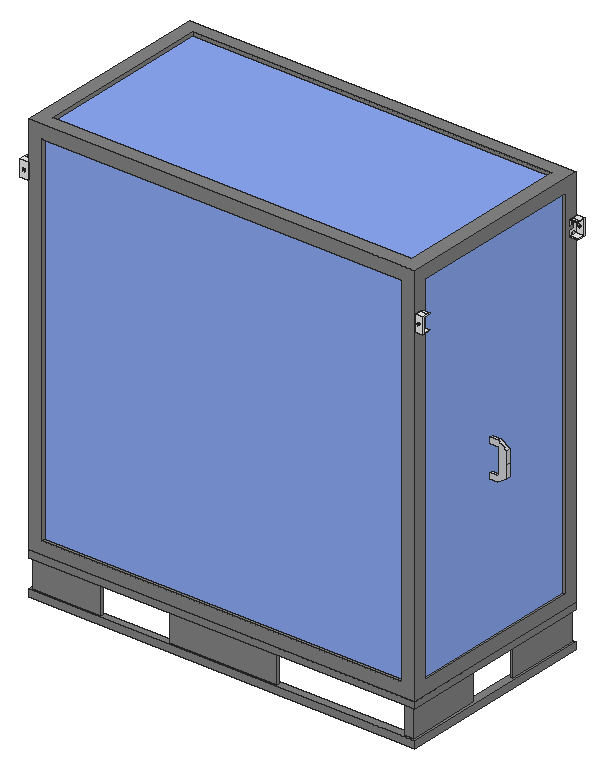
Revit family "13. Секция фильтра ANR F1-9", category Оборудование, Revit 2016 (continued)
Definition of nested family "УГО фильтр №40 (разрез)"
  Automatic sketch dimensions
    curve 82 to curve 99 = 121.512 mm
    curve 99 to curve 99 = 31.392 mm
    curve 81 to curve 98 = 136.512 mm
    curve 97 to curve 97 = 16.392 mm
    curve 98 to curve 103 = 121.512 mm
    curve 103 to curve 103 = 31.392 mm
    curve 97 to curve 102 = 136.512 mm
    curve 101 to curve 108 = 16.392 mm
    curve 102 to curve 107 = 121.512 mm
    curve 107 to curve 107 = 31.392 mm
    curve 101 to curve 106 = 136.512 mm
    curve 105 to curve 136 = 16.392 mm
    curve 106 to curve 136 = 121.512 mm
    curve 135 to curve 135 = 31.392 mm
    curve 105 to curve 133 = 136.512 mm
    curve 133 to curve 133 = 16.392 mm
    curve 134 to curve 139 = 121.512 mm
    curve 139 to curve 139 = 31.392 mm
    curve 133 to curve 137 = 136.512 mm
    curve 137 to curve 144 = 16.392 mm
    curve 138 to curve 143 = 121.512 mm
    curve 143 to curve 142 = 31.392 mm
    curve 137 to curve 141 = 136.512 mm
    curve 141 to curve 148 = 16.392 mm
    curve 142 to curve 148 = 121.512 mm
    curve 147 to curve 147 = 31.392 mm
    curve 141 to curve 145 = 136.512 mm
    curve 145 to curve 152 = 16.392 mm
    curve 146 to curve 152 = 121.512 mm
    curve 151 to curve 151 = 31.392 mm
    curve 145 to curve 149 = 136.512 mm
    curve 149 to curve 156 = 16.392 mm
    curve 150 to curve 156 = 121.512 mm
    curve 155 to curve 155 = 31.392 mm
    curve 149 to curve 153 = 136.512 mm
    curve 33 to curve 36 = 0 mm
    curve 36 to curve 33 = 136.512 mm
    curve 153 to curve 153 = 16.392 mm
Definition of nested family "УГО фильтр №45 (разрез)"
  Parameters (values of type "УГО фильтр №45 (разрез)")
    длина [instance] = 500 mm
    высота [instance] = 4000 mm
    Ширина [instance] = 410 mm
    Частота вращения n, об/мин = ""
    Тип, марка, обозначение = ""
    Сила тока J, А = ""
    Раздел = ""
    Примечание = ""
    Позиция = ""
    Default Elevation = 1219.2 mm
    Напряжение U,В = ""
    Наименование и тех.хар-ка = ""
    Мощность двигателя N,Вт = ""
    Материал = none
    Масса единицы = ""
    Код, оборудования = ""
    Keynote = ""
    Завод изготовитель = ""
    Единица измерения = ""
    Диаметр = 110 mm
  Reference planes
    plane 1 "По центру (Вперед/Назад)": y = 0
    plane 2: z = 0
    plane 3 "По центру (Влево/Вправо)": x = 0
    plane 4: z = 4000
    plane 5: x = 250
    plane 6: x = -250
    plane 7: z = 2000
  Lines and regions (mm)
    model lines
      curve 1: line (-250, 0, 0) -> (250, 0, 0)
      curve 2: line (-250, 0, 4000) -> (-250, 0, 0)
      curve 3: line (250, 0, 4000) -> (-250, 0, 4000)
      curve 4: line (250, 0, 0) -> (250, 0, 4000)
      curve 5: line (58.82, 0, 1164.829) -> (58.82, 0, 1148.437)
      curve 6: line (58.82, 0, 1148.437) -> (-93.825, 0, 1095.877)
      curve 7: line (-93.825, 0, 1095.877) -> (-93.825, 0, 1064.485)
      curve 8: line (58.82, 0, 1011.925) -> (-93.825, 0, 1064.485)
      curve 9: line (58.82, 0, 1011.925) -> (58.82, 0, 995.533)
      curve 10: line (58.82, 0, 995.533) -> (-93.825, 0, 942.973)
      curve 11: line (-93.825, 0, 942.973) -> (-93.825, 0, 911.582)
      curve 12: line (58.82, 0, 859.022) -> (-93.825, 0, 911.582)
      curve 13: line (58.82, 0, 859.022) -> (58.82, 0, 842.63)
      curve 14: line (58.82, 0, 842.63) -> (-93.825, 0, 790.07)
      curve 15: line (-93.825, 0, 790.07) -> (-93.825, 0, 758.678)
      curve 16: line (58.82, 0, 706.118) -> (-93.825, 0, 758.678)
      curve 17: line (58.82, 0, 706.118) -> (58.82, 0, 689.727)
      curve 18: line (58.82, 0, 689.727) -> (-93.825, 0, 637.167)
      curve 19: line (-93.825, 0, 637.167) -> (-93.825, 0, 605.775)
      curve 20: line (58.82, 0, 553.215) -> (-93.825, 0, 605.775)
      curve 37: line (58.82, 0, 1317.732) -> (58.82, 0, 1301.34)
      curve 38: line (58.82, 0, 1301.34) -> (-93.825, 0, 1248.78)
      curve 39: line (-93.825, 0, 1248.78) -> (-93.825, 0, 1217.388)
      curve 40: line (58.82, 0, 1164.829) -> (-93.825, 0, 1217.388)
      curve 41: line (58.82, 0, 1470.635) -> (58.82, 0, 1454.244)
      curve 42: line (58.82, 0, 1454.244) -> (-93.825, 0, 1401.684)
      curve 43: line (-93.825, 0, 1401.684) -> (-93.825, 0, 1370.292)
      curve 44: line (58.82, 0, 1317.732) -> (-93.825, 0, 1370.292)
      curve 45: line (58.82, 0, 1623.539) -> (58.82, 0, 1607.147)
      curve 46: line (58.82, 0, 1607.147) -> (-93.825, 0, 1554.587)
      curve 47: line (-93.825, 0, 1554.587) -> (-93.825, 0, 1523.195)
      curve 48: line (58.82, 0, 1470.635) -> (-93.825, 0, 1523.195)
      curve 61: line (58.82, 0, 1776.442) -> (58.82, 0, 1760.05)
      curve 62: line (58.82, 0, 1760.05) -> (-93.825, 0, 1707.49)
      curve 63: line (-93.825, 0, 1707.49) -> (-93.825, 0, 1676.099)
      curve 64: line (58.82, 0, 1623.539) -> (-93.825, 0, 1676.099)
      curve 65: line (58.82, 0, 1929.346) -> (58.82, 0, 1912.954)
      curve 66: line (58.82, 0, 1912.954) -> (-93.825, 0, 1860.394)
      curve 67: line (-93.825, 0, 1860.394) -> (-93.825, 0, 1829.002)
      curve 68: line (58.82, 0, 1776.442) -> (-93.825, 0, 1829.002)
      curve 69: line (58.82, 0, 2082.249) -> (58.82, 0, 2065.857)
      curve 70: line (58.82, 0, 2065.857) -> (-93.825, 0, 2013.297)
      curve 71: line (-93.825, 0, 2013.297) -> (-93.825, 0, 1981.905)
      curve 72: line (58.82, 0, 1929.346) -> (-93.825, 0, 1981.905)
      curve 85: line (58.82, 0, 2235.152) -> (58.82, 0, 2218.761)
      curve 86: line (58.82, 0, 2218.761) -> (-93.825, 0, 2166.201)
      curve 87: line (-93.825, 0, 2166.201) -> (-93.825, 0, 2134.809)
      curve 88: line (58.82, 0, 2082.249) -> (-93.825, 0, 2134.809)
      curve 89: line (58.82, 0, 2388.056) -> (58.82, 0, 2371.664)
      curve 90: line (58.82, 0, 2371.664) -> (-93.825, 0, 2319.104)
      curve 91: line (-93.825, 0, 2319.104) -> (-93.825, 0, 2287.712)
      curve 92: line (58.82, 0, 2235.152) -> (-93.825, 0, 2287.712)
      curve 93: line (58.82, 0, 2540.959) -> (58.82, 0, 2524.567)
      curve 94: line (58.82, 0, 2524.567) -> (-93.825, 0, 2472.007)
      curve 95: line (-93.825, 0, 2472.007) -> (-93.825, 0, 2440.616)
      curve 96: line (58.82, 0, 2388.056) -> (-93.825, 0, 2440.616)
      curve 109: line (58.82, 0, 2693.863) -> (58.82, 0, 2677.471)
      curve 110: line (58.82, 0, 2677.471) -> (-93.825, 0, 2624.911)
      curve 111: line (-93.825, 0, 2624.911) -> (-93.825, 0, 2593.519)
      curve 112: line (58.82, 0, 2540.959) -> (-93.825, 0, 2593.519)
      curve 113: line (58.82, 0, 2846.766) -> (58.82, 0, 2830.374)
      curve 114: line (58.82, 0, 2830.374) -> (-93.825, 0, 2777.814)
      curve 115: line (-93.825, 0, 2777.814) -> (-93.825, 0, 2746.422)
      curve 116: line (58.82, 0, 2693.863) -> (-93.825, 0, 2746.422)
      curve 117: line (58.82, 0, 2999.669) -> (58.82, 0, 2983.278)
      curve 118: line (58.82, 0, 2983.278) -> (-93.825, 0, 2930.718)
      curve 119: line (-93.825, 0, 2930.718) -> (-93.825, 0, 2899.326)
      curve 120: line (58.82, 0, 2846.766) -> (-93.825, 0, 2899.326)
      curve 121: line (58.82, 0, 3152.573) -> (58.82, 0, 3136.181)
      curve 122: line (58.82, 0, 3136.181) -> (-93.825, 0, 3083.621)
      curve 123: line (-93.825, 0, 3083.621) -> (-93.825, 0, 3052.229)
      curve 124: line (58.82, 0, 2999.669) -> (-93.825, 0, 3052.229)
      curve 125: line (58.82, 0, 3305.476) -> (58.82, 0, 3289.084)
      curve 126: line (58.82, 0, 3289.084) -> (-93.825, 0, 3236.524)
      curve 127: line (-93.825, 0, 3236.524) -> (-93.825, 0, 3205.133)
      curve 128: line (58.82, 0, 3152.573) -> (-93.825, 0, 3205.133)
      curve 129: line (58.82, 0, 3458.38) -> (58.82, 0, 3441.988)
      curve 130: line (58.82, 0, 3441.988) -> (-93.825, 0, 3389.428)
      curve 131: line (-93.825, 0, 3389.428) -> (-93.825, 0, 3358.036)
      curve 132: line (58.82, 0, 3305.476) -> (-93.825, 0, 3358.036)
    model lines, not visible
      curve 21: line (63.964, 0, 624.61) -> (63.964, 0, 608.219)
      curve 22: line (63.964, 0, 608.219) -> (-88.681, 0, 555.659)
      curve 23: line (-88.681, 0, 555.659) -> (-88.681, 0, 524.267)
      curve 24: line (63.964, 0, 471.707) -> (-88.681, 0, 524.267)
      curve 25: line (63.964, 0, 471.707) -> (63.964, 0, 455.315)
      curve 26: line (63.964, 0, 455.315) -> (-88.681, 0, 402.755)
      curve 27: line (-88.681, 0, 402.755) -> (-88.681, 0, 371.363)
      curve 28: line (63.964, 0, 318.804) -> (-88.681, 0, 371.363)
      curve 29: line (63.964, 0, 318.804) -> (63.964, 0, 302.412)
      curve 30: line (63.964, 0, 302.412) -> (-88.681, 0, 249.852)
      curve 31: line (-88.681, 0, 249.852) -> (-88.681, 0, 218.46)
      curve 32: line (63.964, 0, 165.9) -> (-88.681, 0, 218.46)
      curve 33: line (63.964, 0, 165.9) -> (63.964, 0, 149.508)
      curve 34: line (63.964, 0, 149.508) -> (-88.681, 0, 96.948)
      curve 35: line (-88.681, 0, 96.948) -> (-88.681, 0, 65.557)
      curve 36: line (63.964, 0, 12.997) -> (-88.681, 0, 65.557)
      curve 49: line (63.964, 0, 777.514) -> (63.964, 0, 761.122)
      curve 50: line (63.964, 0, 761.122) -> (-88.681, 0, 708.562)
      curve 51: line (-88.681, 0, 708.562) -> (-88.681, 0, 677.17)
      curve 52: line (63.964, 0, 624.61) -> (-88.681, 0, 677.17)
      curve 53: line (63.964, 0, 930.417) -> (63.964, 0, 914.025)
      curve 54: line (63.964, 0, 914.025) -> (-88.681, 0, 861.465)
      curve 55: line (-88.681, 0, 861.465) -> (-88.681, 0, 830.074)
      curve 56: line (63.964, 0, 777.514) -> (-88.681, 0, 830.074)
      curve 57: line (63.964, 0, 1083.321) -> (63.964, 0, 1066.929)
      curve 58: line (63.964, 0, 1066.929) -> (-88.681, 0, 1014.369)
      curve 59: line (-88.681, 0, 1014.369) -> (-88.681, 0, 982.977)
      curve 60: line (63.964, 0, 930.417) -> (-88.681, 0, 982.977)
      curve 73: line (63.964, 0, 1236.224) -> (63.964, 0, 1219.832)
      curve 74: line (63.964, 0, 1219.832) -> (-88.681, 0, 1167.272)
      curve 75: line (-88.681, 0, 1167.272) -> (-88.681, 0, 1135.88)
      curve 76: line (63.964, 0, 1083.321) -> (-88.681, 0, 1135.88)
      curve 77: line (63.964, 0, 1389.127) -> (63.964, 0, 1372.736)
      curve 78: line (63.964, 0, 1372.736) -> (-88.681, 0, 1320.176)
      curve 79: line (-88.681, 0, 1320.176) -> (-88.681, 0, 1288.784)
      curve 80: line (63.964, 0, 1236.224) -> (-88.681, 0, 1288.784)
      curve 81: line (63.964, 0, 1542.031) -> (63.964, 0, 1525.639)
      curve 82: line (63.964, 0, 1525.639) -> (-88.681, 0, 1473.079)
      curve 83: line (-88.681, 0, 1473.079) -> (-88.681, 0, 1441.687)
      curve 84: line (63.964, 0, 1389.127) -> (-88.681, 0, 1441.687)
      curve 97: line (63.964, 0, 1694.934) -> (63.964, 0, 1678.542)
      curve 98: line (63.964, 0, 1678.542) -> (-88.681, 0, 1625.982)
      curve 99: line (-88.681, 0, 1625.982) -> (-88.681, 0, 1594.591)
      curve 100: line (63.964, 0, 1542.031) -> (-88.681, 0, 1594.591)
      curve 101: line (63.964, 0, 1847.838) -> (63.964, 0, 1831.446)
      curve 102: line (63.964, 0, 1831.446) -> (-88.681, 0, 1778.886)
      curve 103: line (-88.681, 0, 1778.886) -> (-88.681, 0, 1747.494)
      curve 104: line (63.964, 0, 1694.934) -> (-88.681, 0, 1747.494)
      curve 105: line (63.964, 0, 2000.741) -> (63.964, 0, 1984.349)
      curve 106: line (63.964, 0, 1984.349) -> (-88.681, 0, 1931.789)
      curve 107: line (-88.681, 0, 1931.789) -> (-88.681, 0, 1900.397)
      curve 108: line (63.964, 0, 1847.838) -> (-88.681, 0, 1900.397)
      curve 133: line (63.964, 0, 2153.644) -> (63.964, 0, 2137.253)
      curve 134: line (63.964, 0, 2137.253) -> (-88.681, 0, 2084.693)
      curve 135: line (-88.681, 0, 2084.693) -> (-88.681, 0, 2053.301)
      curve 136: line (63.964, 0, 2000.741) -> (-88.681, 0, 2053.301)
      curve 137: line (63.964, 0, 2306.548) -> (63.964, 0, 2290.156)
      curve 138: line (63.964, 0, 2290.156) -> (-88.681, 0, 2237.596)
      curve 139: line (-88.681, 0, 2237.596) -> (-88.681, 0, 2206.204)
      curve 140: line (63.964, 0, 2153.644) -> (-88.681, 0, 2206.204)
      curve 141: line (63.964, 0, 2459.451) -> (63.964, 0, 2443.059)
      curve 142: line (63.964, 0, 2443.059) -> (-88.681, 0, 2390.499)
      curve 143: line (-88.681, 0, 2390.499) -> (-88.681, 0, 2359.108)
      curve 144: line (63.964, 0, 2306.548) -> (-88.681, 0, 2359.108)
      curve 145: line (63.964, 0, 2612.355) -> (63.964, 0, 2595.963)
      curve 146: line (63.964, 0, 2595.963) -> (-88.681, 0, 2543.403)
      curve 147: line (-88.681, 0, 2543.403) -> (-88.681, 0, 2512.011)
      curve 148: line (63.964, 0, 2459.451) -> (-88.681, 0, 2512.011)
      curve 149: line (63.964, 0, 2765.258) -> (63.964, 0, 2748.866)
      curve 150: line (63.964, 0, 2748.866) -> (-88.681, 0, 2696.306)
      curve 151: line (-88.681, 0, 2696.306) -> (-88.681, 0, 2664.914)
      curve 152: line (63.964, 0, 2612.355) -> (-88.681, 0, 2664.914)
      curve 153: line (63.964, 0, 2918.161) -> (63.964, 0, 2901.77)
      curve 154: line (63.964, 0, 2901.77) -> (-88.681, 0, 2849.21)
      curve 155: line (-88.681, 0, 2849.21) -> (-88.681, 0, 2817.818)
      curve 156: line (63.964, 0, 2765.258) -> (-88.681, 0, 2817.818)
  Dimensions and locks
    equal spacing: plane 5, plane 3 "По центру (Влево/Вправо)", plane 6
    "длина": plane 5 to plane 6
    "высота": plane 4 to level
    equal spacing: plane 4, plane 7, plane 2
    aligned and locked: level to plane 2
  Automatic sketch dimensions
    curve 3 to plane 4 = 0 mm
    curve 3 to plane 6 = 0 mm
    curve 1 to level = 0 mm
    curve 1 to plane 5 = 0 mm
    curve 131 to curve 70 = 0 mm
    curve 71 to curve 6 = 0 mm
    curve 131 to curve 128 = 0 mm
    curve 7 to curve 10 = 0 mm
    curve 127 to curve 124 = 0 mm
    curve 11 to curve 14 = 0 mm
    curve 123 to curve 120 = 0 mm
    curve 15 to curve 18 = 0 mm
    curve 119 to curve 116 = 0 mm
    curve 38 to curve 6 = 0 mm
    curve 115 to curve 112 = 0 mm
    curve 42 to curve 38 = 0 mm
    curve 111 to curve 96 = 0 mm
    curve 46 to curve 42 = 0 mm
    curve 95 to curve 92 = 0 mm
    curve 62 to curve 46 = 0 mm
    curve 88 to curve 70 = 0 mm
    curve 71 to curve 66 = 0 mm
    curve 70 to curve 70 = 152.645 mm
    curve 69 to curve 72 = 0 mm
    curve 85 to curve 69 = 0 mm
    curve 65 to curve 68 = 0 mm
    curve 89 to curve 85 = 0 mm
    curve 61 to curve 64 = 0 mm
    curve 93 to curve 89 = 0 mm
    curve 45 to curve 48 = 0 mm
    curve 109 to curve 93 = 0 mm
    curve 41 to curve 44 = 0 mm
    curve 113 to curve 109 = 0 mm
    curve 37 to curve 40 = 0 mm
    curve 117 to curve 113 = 0 mm
    curve 18 to curve 18 = 152.645 mm
    curve 121 to curve 117 = 0 mm
    curve 14 to curve 16 = 0 mm
    curve 125 to curve 121 = 0 mm
    curve 10 to curve 12 = 0 mm
    curve 129 to curve 125 = 0 mm
    curve 19 to curve 18 = 31.392 mm
    curve 18 to curve 18 = 52.56 mm
    curve 17 to curve 16 = 16.392 mm
    curve 18 to curve 15 = 121.512 mm
    curve 15 to curve 14 = 31.392 mm
    curve 16 to curve 14 = 136.512 mm
    curve 13 to curve 12 = 16.392 mm
    curve 14 to curve 12 = 121.512 mm
    curve 11 to curve 10 = 31.392 mm
    curve 12 to curve 9 = 136.512 mm
    curve 9 to curve 8 = 16.392 mm
    curve 10 to curve 7 = 121.512 mm
    curve 7 to curve 6 = 31.392 mm
    curve 8 to curve 5 = 136.512 mm
    curve 5 to curve 5 = 16.392 mm
    curve 6 to curve 40 = 121.512 mm
    curve 39 to curve 39 = 31.392 mm
    curve 5 to curve 37 = 136.512 mm
    curve 37 to curve 37 = 16.392 mm
    curve 38 to curve 43 = 121.512 mm
    curve 43 to curve 43 = 31.392 mm
    curve 37 to curve 41 = 136.512 mm
    curve 41 to curve 48 = 16.392 mm
    curve 42 to curve 48 = 121.512 mm
    curve 47 to curve 47 = 31.392 mm
    curve 41 to curve 45 = 136.512 mm
    curve 45 to curve 64 = 16.392 mm
    curve 46 to curve 64 = 121.512 mm
    curve 63 to curve 63 = 31.392 mm
    curve 45 to curve 61 = 136.512 mm
    curve 61 to curve 68 = 16.392 mm
    curve 62 to curve 67 = 121.512 mm
    curve 67 to curve 66 = 31.392 mm
    curve 61 to curve 65 = 136.512 mm
    curve 65 to curve 72 = 16.392 mm
    curve 66 to curve 71 = 121.512 mm
    curve 71 to curve 70 = 31.392 mm
    curve 65 to curve 69 = 136.512 mm
    curve 69 to curve 69 = 16.392 mm
    curve 70 to curve 87 = 121.512 mm
    curve 87 to curve 87 = 31.392 mm
    curve 69 to curve 86 = 136.512 mm
    curve 85 to curve 85 = 16.392 mm
    curve 86 to curve 91 = 121.512 mm
    curve 91 to curve 91 = 31.392 mm
    curve 85 to curve 90 = 136.512 mm
    curve 89 to curve 96 = 16.392 mm
    curve 90 to curve 95 = 121.512 mm
    curve 95 to curve 95 = 31.392 mm
    curve 89 to curve 94 = 136.512 mm
    curve 93 to curve 112 = 16.392 mm
    curve 94 to curve 112 = 121.512 mm
    curve 111 to curve 111 = 31.392 mm
    curve 93 to curve 109 = 136.512 mm
    curve 109 to curve 109 = 16.392 mm
    curve 110 to curve 115 = 121.512 mm
    curve 115 to curve 115 = 31.392 mm
    curve 109 to curve 113 = 136.512 mm
    curve 113 to curve 120 = 16.392 mm
    curve 114 to curve 119 = 121.512 mm
    curve 119 to curve 118 = 31.392 mm
    curve 113 to curve 117 = 136.512 mm
    curve 117 to curve 124 = 16.392 mm
    curve 118 to curve 124 = 121.512 mm
    curve 123 to curve 123 = 31.392 mm
    curve 117 to curve 121 = 136.512 mm
    curve 121 to curve 128 = 16.392 mm
    curve 122 to curve 128 = 121.512 mm
    curve 127 to curve 127 = 31.392 mm
    curve 121 to curve 125 = 136.512 mm
    curve 125 to curve 132 = 16.392 mm
    curve 126 to curve 132 = 121.512 mm
    curve 131 to curve 131 = 31.392 mm
    curve 125 to curve 129 = 136.512 mm
    curve 17 to curve 20 = 0 mm
    curve 20 to curve 17 = 136.512 mm
    curve 129 to curve 129 = 16.392 mm
    curve 155 to curve 82 = 0 mm
    curve 83 to curve 22 = 0 mm
    curve 155 to curve 152 = 0 mm
    curve 23 to curve 26 = 0 mm
    curve 151 to curve 148 = 0 mm
    curve 27 to curve 30 = 0 mm
    curve 147 to curve 144 = 0 mm
    curve 31 to curve 34 = 0 mm
    curve 143 to curve 140 = 0 mm
    curve 50 to curve 22 = 0 mm
    curve 139 to curve 136 = 0 mm
    curve 54 to curve 50 = 0 mm
    curve 135 to curve 108 = 0 mm
    curve 58 to curve 54 = 0 mm
    curve 107 to curve 104 = 0 mm
    curve 74 to curve 58 = 0 mm
    curve 100 to curve 82 = 0 mm
    curve 83 to curve 78 = 0 mm
    curve 82 to curve 82 = 152.645 mm
    curve 81 to curve 84 = 0 mm
    curve 97 to curve 81 = 0 mm
    curve 77 to curve 80 = 0 mm
    curve 101 to curve 97 = 0 mm
    curve 73 to curve 76 = 0 mm
    curve 105 to curve 101 = 0 mm
    curve 57 to curve 60 = 0 mm
    curve 133 to curve 105 = 0 mm
    curve 53 to curve 56 = 0 mm
    curve 137 to curve 133 = 0 mm
    curve 49 to curve 52 = 0 mm
    curve 141 to curve 137 = 0 mm
    curve 34 to curve 34 = 152.645 mm
    curve 145 to curve 141 = 0 mm
    curve 30 to curve 32 = 0 mm
    curve 149 to curve 145 = 0 mm
    curve 26 to curve 28 = 0 mm
    curve 153 to curve 149 = 0 mm
    curve 35 to curve 34 = 31.392 mm
    curve 34 to curve 34 = 52.56 mm
    curve 33 to curve 32 = 16.392 mm
    curve 34 to curve 31 = 121.512 mm
    curve 31 to curve 30 = 31.392 mm
    curve 32 to curve 30 = 136.512 mm
    curve 29 to curve 28 = 16.392 mm
    curve 30 to curve 28 = 121.512 mm
    curve 27 to curve 26 = 31.392 mm
    curve 28 to curve 25 = 136.512 mm
    curve 25 to curve 24 = 16.392 mm
    curve 26 to curve 23 = 121.512 mm
    curve 23 to curve 22 = 31.392 mm
    curve 24 to curve 21 = 136.512 mm
    curve 21 to curve 21 = 16.392 mm
    curve 22 to curve 52 = 121.512 mm
    curve 51 to curve 51 = 31.392 mm
    curve 21 to curve 49 = 136.512 mm
    curve 49 to curve 49 = 16.392 mm
    curve 50 to curve 55 = 121.512 mm
    curve 55 to curve 55 = 31.392 mm
    curve 49 to curve 53 = 136.512 mm
    curve 53 to curve 60 = 16.392 mm
    curve 54 to curve 60 = 121.512 mm
    curve 59 to curve 59 = 31.392 mm
    curve 53 to curve 57 = 136.512 mm
    curve 57 to curve 76 = 16.392 mm
    curve 58 to curve 76 = 121.512 mm
    curve 75 to curve 75 = 31.392 mm
    curve 57 to curve 73 = 136.512 mm
    curve 73 to curve 80 = 16.392 mm
    curve 74 to curve 79 = 121.512 mm
    curve 79 to curve 78 = 31.392 mm
    curve 73 to curve 77 = 136.512 mm
    curve 77 to curve 84 = 16.392 mm
    curve 78 to curve 83 = 121.512 mm
    curve 83 to curve 82 = 31.392 mm
    curve 77 to curve 81 = 136.512 mm
    curve 81 to curve 81 = 16.392 mm
    curve 82 to curve 99 = 121.512 mm
    curve 99 to curve 99 = 31.392 mm
    curve 81 to curve 98 = 136.512 mm
    curve 97 to curve 97 = 16.392 mm
    curve 98 to curve 103 = 121.512 mm
    curve 103 to curve 103 = 31.392 mm
    curve 97 to curve 102 = 136.512 mm
    curve 101 to curve 108 = 16.392 mm
    curve 102 to curve 107 = 121.512 mm
    curve 107 to curve 107 = 31.392 mm
    curve 101 to curve 106 = 136.512 mm
    curve 105 to curve 136 = 16.392 mm
    curve 106 to curve 136 = 121.512 mm
    curve 135 to curve 135 = 31.392 mm
    curve 105 to curve 133 = 136.512 mm
    curve 133 to curve 133 = 16.392 mm
    curve 134 to curve 139 = 121.512 mm
    curve 139 to curve 139 = 31.392 mm
    curve 133 to curve 137 = 136.512 mm
    curve 137 to curve 144 = 16.392 mm
    curve 138 to curve 143 = 121.512 mm
    curve 143 to curve 142 = 31.392 mm
    curve 137 to curve 141 = 136.512 mm
    curve 141 to curve 148 = 16.392 mm
    curve 142 to curve 148 = 121.512 mm
    curve 147 to curve 147 = 31.392 mm
    curve 141 to curve 145 = 136.512 mm
    curve 145 to curve 152 = 16.392 mm
    curve 146 to curve 152 = 121.512 mm
    curve 151 to curve 151 = 31.392 mm
    curve 145 to curve 149 = 136.512 mm
    curve 149 to curve 156 = 16.392 mm
    curve 150 to curve 156 = 121.512 mm
    curve 155 to curve 155 = 31.392 mm
    curve 149 to curve 153 = 136.512 mm
    curve 33 to curve 36 = 0 mm
    curve 36 to curve 33 = 136.512 mm
    curve 153 to curve 153 = 16.392 mm
Types (50, lengths in mm): name | №7 | №6 | №45 | №40 | №35 | №30 | №25 | №20 | №12 | Ширина | Фильтрующая вставка | Середина | Д1 | Д | Высота | Б1 | А1 | А | Б | Тип, марка, обозначение
  ANR 6 F1 | no | yes | no | no | no | no | no | no | no | 1025 | "EU4" | 670 | 555 | 575 | 1025 | 1080 | 1080 | 1100 | 1100 | "ANR 6 F1"
  ANR 7 F1 | yes | no | no | no | no | no | no | no | no | 1025 | "EU4" | 780 | 1080 | 1100 | 1245 | 1300 | 1080 | 1100 | 1320 | "ANR 7 F1"
  ANR 8 F1 | yes | no | no | no | no | no | no | no | no | 1245 | "EU4" | 780 | 1080 | 1100 | 1245 | 1300 | 1300 | 1320 | 1320 | "ANR 8 F1"
  ANR 20 F1 | no | no | no | no | no | no | no | yes | no | 1585 | "EU4" | 950 | 555 | 575 | 1585 | 1640 | 1640 | 1660 | 1660 | "ANR 20 F1"
  ANR 25 F1 | no | no | no | no | no | no | yes | no | no | 1970 | "EU4" | 1142.5 | 555 | 575 | 1970 | 2025 | 2025 | 2045 | 2045 | "ANR 25 F1"
  ANR 30 F1 | no | no | no | no | no | yes | no | no | no | 2410 | "EU4" | 1142.5 | 555 | 575 | 1970 | 2025 | 2465 | 2485 | 2045 | "ANR 30 F1"
  ANR 35 F1 | no | no | no | no | yes | no | no | no | no | 2410 | "EU4" | 1362.5 | 555 | 575 | 2410 | 2465 | 2465 | 2485 | 2485 | "ANR 35 F1"
  ANR 12 F1 | no | no | no | no | no | no | no | no | yes | 1360 | "EU4" | 837.5 | 555 | 575 | 1360 | 1415 | 1415 | 1435 | 1435 | "ANR 12 F1"
  ANR 40 F1 | no | no | no | yes | no | no | no | no | no | 3245 | "EU4" | 1780 | 555 | 575 | 3245 | 3300 | 3300 | 3320 | 3320 | "ANR 40 F1"
  ANR 45 F1 | no | no | yes | no | no | no | no | no | no | 3245 | "EU4" | 2165 | 555 | 575 | 4015 | 4070 | 3300 | 3320 | 4090 | "ANR 45 F1"
  ANR 6 F5 | no | yes | no | no | no | no | no | no | no | 1025 | "EU5" | 670 | 1080 | 1100 | 1025 | 1080 | 1080 | 1100 | 1100 | "ANR 6 F5"
  ANR 6 F7 | no | yes | no | no | no | no | no | no | no | 1025 | "EU7" | 670 | 1080 | 1100 | 1025 | 1080 | 1080 | 1100 | 1100 | "ANR 6 F7"
  ANR 6 F8 | no | yes | no | no | no | no | no | no | no | 1025 | "EU8" | 670 | 1080 | 1100 | 1025 | 1080 | 1080 | 1100 | 1100 | "ANR 6 F8"
  ANR 6 F9 | no | yes | no | no | no | no | no | no | no | 1025 | "EU9" | 670 | 1080 | 1100 | 1025 | 1080 | 1080 | 1100 | 1100 | "ANR 6 F9"
  ANR 7 F5 | yes | no | no | no | no | no | no | no | no | 1025 | "EU5" | 780 | 1080 | 1100 | 1245 | 1300 | 1080 | 1100 | 1320 | "ANR 7 F5"
  ANR 7 F7 | yes | no | no | no | no | no | no | no | no | 1025 | "EU7" | 780 | 1080 | 1100 | 1245 | 1300 | 1080 | 1100 | 1320 | "ANR 7 F7"
  ANR 7 F8 | yes | no | no | no | no | no | no | no | no | 1025 | "EU8" | 780 | 1080 | 1100 | 1245 | 1300 | 1080 | 1100 | 1320 | "ANR 7 F8"
  ANR 7 F9 | yes | no | no | no | no | no | no | no | no | 1025 | "EU9" | 780 | 1080 | 1100 | 1245 | 1300 | 1080 | 1100 | 1320 | "ANR 7 F9"
  ANR 8 F5 | yes | no | no | no | no | no | no | no | no | 1245 | "EU5" | 780 | 1080 | 1100 | 1245 | 1300 | 1300 | 1320 | 1320 | "ANR 8 F5"
  ANR 8 F7 | yes | no | no | no | no | no | no | no | no | 1245 | "EU7" | 780 | 1080 | 1100 | 1245 | 1300 | 1300 | 1320 | 1320 | "ANR 8 F7"
  ANR 8 F8 | yes | no | no | no | no | no | no | no | no | 1245 | "EU8" | 780 | 1080 | 1100 | 1245 | 1300 | 1300 | 1320 | 1320 | "ANR 8 F8"
  ANR 8 F9 | yes | no | no | no | no | no | no | no | no | 1245 | "EU9" | 780 | 1080 | 1100 | 1245 | 1300 | 1300 | 1320 | 1320 | "ANR 8 F9"
  ANR 12 F5 | no | no | no | no | no | no | no | no | yes | 1360 | "EU5" | 837.5 | 1080 | 1100 | 1360 | 1415 | 1415 | 1435 | 1435 | "ANR 12 F5"
  ANR 12 F7 | no | no | no | no | no | no | no | no | yes | 1360 | "EU7" | 837.5 | 1080 | 1100 | 1360 | 1415 | 1415 | 1435 | 1435 | "ANR 12 F7"
  ANR 12 F8 | no | no | no | no | no | no | no | no | yes | 1360 | "EU8" | 837.5 | 1080 | 1100 | 1360 | 1415 | 1415 | 1435 | 1435 | "ANR 12 F8"
  ANR 12 F9 | no | no | no | no | no | no | no | no | yes | 1360 | "EU9" | 837.5 | 1080 | 1100 | 1360 | 1415 | 1415 | 1435 | 1435 | "ANR 12 F9"
  ANR 20 F5 | no | no | no | no | no | no | no | yes | no | 1585 | "EU5" | 950 | 1080 | 1100 | 1585 | 1640 | 1640 | 1660 | 1660 | "ANR 20 F5"
  ANR 20 F7 | no | no | no | no | no | no | no | yes | no | 1585 | "EU7" | 950 | 1080 | 1100 | 1585 | 1640 | 1640 | 1660 | 1660 | "ANR 20 F7"
  ANR 20 F8 | no | no | no | no | no | no | no | yes | no | 1585 | "EU8" | 950 | 1080 | 1100 | 1585 | 1640 | 1640 | 1660 | 1660 | "ANR 20 F8"
  ANR 20 F9 | no | no | no | no | no | no | no | yes | no | 1585 | "EU9" | 950 | 1080 | 1100 | 1585 | 1640 | 1640 | 1660 | 1660 | "ANR 20 F9"
  ANR 25 F5 | no | no | no | no | no | no | yes | no | no | 1970 | "EU5" | 1142.5 | 1080 | 1100 | 1970 | 2025 | 2025 | 2045 | 2045 | "ANR 25 F5"
  ANR 25 F7 | no | no | no | no | no | no | yes | no | no | 1970 | "EU7" | 1142.5 | 1080 | 1100 | 1970 | 2025 | 2025 | 2045 | 2045 | "ANR 25 F7"
  ANR 25 F8 | no | no | no | no | no | no | yes | no | no | 1970 | "EU8" | 1142.5 | 1080 | 1100 | 1970 | 2025 | 2025 | 2045 | 2045 | "ANR 25 F8"
  ANR 25 F9 | no | no | no | no | no | no | yes | no | no | 1970 | "EU9" | 1142.5 | 1080 | 1100 | 1970 | 2025 | 2025 | 2045 | 2045 | "ANR 25 F9"
  ANR 30 F5 | no | no | no | no | no | yes | no | no | no | 2410 | "EU5" | 1142.5 | 1080 | 1100 | 1970 | 2025 | 2465 | 2485 | 2045 | "ANR 30 F5"
  ANR 30 F7 | no | no | no | no | no | yes | no | no | no | 2410 | "EU7" | 1142.5 | 1080 | 1100 | 1970 | 2025 | 2465 | 2485 | 2045 | "ANR 30 F7"
  ANR 30 F8 | no | no | no | no | no | yes | no | no | no | 2410 | "EU8" | 1142.5 | 1080 | 1100 | 1970 | 2025 | 2465 | 2485 | 2045 | "ANR 30 F8"
  ANR 30 F9 | no | no | no | no | no | yes | no | no | no | 2410 | "EU9" | 1142.5 | 1080 | 1100 | 1970 | 2025 | 2465 | 2485 | 2045 | "ANR 30 F9"
  ANR 35 F5 | no | no | no | no | yes | no | no | no | no | 2410 | "EU5" | 1362.5 | 1080 | 1100 | 2410 | 2465 | 2465 | 2485 | 2485 | "ANR 35 F5"
  ANR 35 F7 | no | no | no | no | yes | no | no | no | no | 2410 | "EU7" | 1362.5 | 1080 | 1100 | 2410 | 2465 | 2465 | 2485 | 2485 | "ANR 35 F7"
  ANR 35 F8 | no | no | no | no | yes | no | no | no | no | 2410 | "EU8" | 1362.5 | 1080 | 1100 | 2410 | 2465 | 2465 | 2485 | 2485 | "ANR 35 F8"
  ANR 35 F9 | no | no | no | no | yes | no | no | no | no | 2410 | "EU9" | 1362.5 | 1080 | 1100 | 2410 | 2465 | 2465 | 2485 | 2485 | "ANR 35 F9"
  ANR 40 F5 | no | no | no | yes | no | no | no | no | no | 3245 | "EU5" | 1780 | 1080 | 1100 | 3245 | 3300 | 3300 | 3320 | 3320 | "ANR 40 F5"
  ANR 40 F7 | no | no | no | yes | no | no | no | no | no | 3245 | "EU7" | 1780 | 1080 | 1100 | 3245 | 3300 | 3300 | 3320 | 3320 | "ANR 40 F7"
  ANR 40 F8 | no | no | no | yes | no | no | no | no | no | 3245 | "EU8" | 1780 | 1080 | 1100 | 3245 | 3300 | 3300 | 3320 | 3320 | "ANR 40 F8"
  ANR 40 F9 | no | no | no | yes | no | no | no | no | no | 3245 | "EU9" | 1780 | 1080 | 1100 | 3245 | 3300 | 3300 | 3320 | 3320 | "ANR 40 F9"
  ANR 45 F5 | no | no | yes | no | no | no | no | no | no | 3245 | "EU5" | 2165 | 1080 | 1100 | 4015 | 4070 | 3300 | 3320 | 4090 | "ANR 45 F5"
  ANR 45 F7 | no | no | yes | no | no | no | no | no | no | 3245 | "EU7" | 2165 | 1080 | 1100 | 4015 | 4070 | 3300 | 3320 | 4090 | "ANR 45 F7"
  ANR 45 F8 | no | no | yes | no | no | no | no | no | no | 3245 | "EU8" | 2165 | 1080 | 1100 | 4015 | 4070 | 3300 | 3320 | 4090 | "ANR 45 F8"
  ANR 45 F9 | no | no | yes | no | no | no | no | no | no | 3245 | "EU9" | 2165 | 1080 | 1100 | 4015 | 4070 | 3300 | 3320 | 4090 | "ANR 45 F9"
